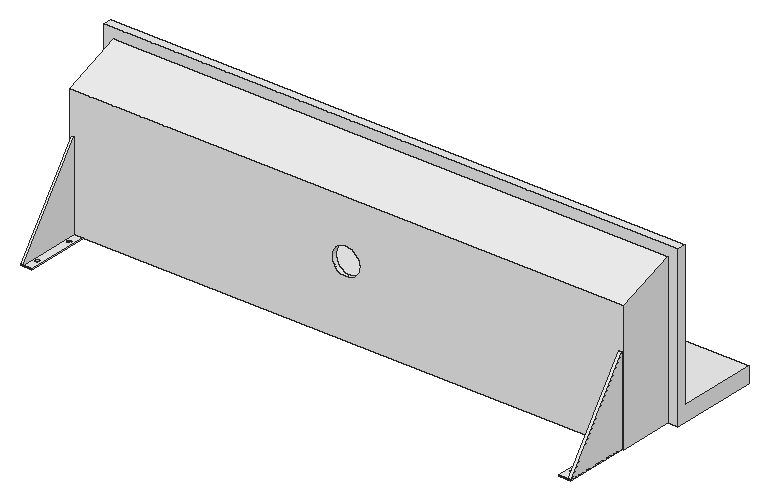
Revit family "Hand_Wash_Trough-3_Station-Acorn-SWS072_Series", category Plumbing Fixtures, host Face, Revit 2019
Family settings
  Host = Face
  Round Connector Dimension = Use Diameter
  Part Type = Normal
  OmniClass Number = 23.45.05.14.14
  OmniClass Title = Sinks/Lavatories
  Cut with Voids When Loaded = No
  Shared = Yes
  Room Calculation Point = No
Parameters (values of type "SWS072-H28")
  cUPC Compliant = yes
  Width = 72"  # constant formula
  Waste Connection = no
  WFU = 0
  Vent Connection = no
  URL = "https://acorneng.com/home"
  Type Comments = "Wall hung Hand Wash Trough"  # constant formula
  Single Center Distance = 1"
  Shipping Weight = "105 lbs (48 kg)"  # constant formula
  Product Page URL = ""
  Product Documentation Link = ""
  Number of User Stations = 3  # constant formula
  Model = "SWS072-H28"
  Material = "Stainless Steel-Acorn-Polished Satin"  # constant formula
  Manufacturer = "Acorn Engineering"  # constant formula
  Installation Type = "Wall Mounted"  # constant formula
  Height = 18"  # constant formula
  HWFU = 0
  HW Connection = no
  H28-2 Holes on 8" Centers = yes
  H1-Single Hole Centered = no
  H0-No Faucet Punching = no
  Finish = Stainless Steel-Acorn-Polished Satin
  Faucet Hole Diameter = 1 1/2"  # constant formula
  Drain Opening Size = 3 1/2"  # constant formula
  Description = "72\" wide 3 user hand wash trough"
  Depth = 20"  # constant formula
  Default Elevation = 34"
  Creation Date = "04/08/2024"  # constant formula
  CWFU = 0
  CW Connection = no
  Bowl Width = 69"  # constant formula
  Bowl Height = 8"  # constant formula
  Bowl Depth = 16 1/2"  # constant formula
  Backsplash Height = 10"  # constant formula
  Assembly Code = "D2010440"
  8" Centers Distance = 3"
Types (4): name | Single Center Distance | Model | H28-2 Holes on 8" Centers | H1-Single Hole Centered | H0-No Faucet Punching | 8" Centers Distance
  (no name) | 1" | "SWS072-H28" | yes | no | no | 3"
  SWS072-H0 | 1" | "SWS072-H0" | no | no | yes | 1"
  SWS072-H1 | 3" | "SWS072-H1" | no | yes | no | 1"
  SWS072-H28 | 1" | "SWS072-H28" | yes | no | no | 3"
Reference planes (in)
  plane 1 "Center (Front/Back)": y = 0
  plane 2: z = 0
  plane 3 "Center (Left/Right)": x = 0
  plane 4: x = 36
  plane 5: x = -36
  plane 6: x = 34.5
  plane 7: x = -34.5
  plane 8: z = 20
  plane 9: z = 2
  plane 10: z = 18.5
  plane 11: z = 9
  plane 12: y = -8
  plane 13: y = -16
  plane 14: y = 10
  plane 15: x = -4
  plane 16: x = 4
  plane 17: x = -24
  plane 18: x = 24
  plane 19: y = 6
  plane 20: z = 16.25
  plane 21: x = -34.75
  plane 22: x = 34.75
  plane 23: x = -28
  plane 24: x = -20
  plane 25: x = 28
  plane 26: x = 20
  plane 27: z = 1
  plane 28: z = 3
  plane 29: z = 4
Forms (in)
  Extrusion 1, solid, material "Stainless Steel-Acorn-Polished Satin" <- "Finish"
    sketch origin (0, 37.58329, 0) x (0, 1, 0) y (0, 0, 1)
      loop
        line (-27.58329, 0) -> (-27.58329, 2) -> (-37.58329, 2) -> (-37.58329, 20) -> (-38.58329, 20) -> (-38.58329, 0) -> (-27.58329, 0)
    from -36 to 36
  Extrusion 2, solid, material "Stainless Steel-Acorn-Polished Satin" <- "Finish"
    sketch origin (36, 37.58329, 0) x (0, 1, 0) y (0, 0, 1)
      loop
        line (-45.58329, 16.24169) -> (-45.58329, 0) -> (-38.58329, 0) -> (-38.58329, 18.70753) -> (-45.58329, 16.24169)
    from -70.75 to -1.25
  Extrusion 3, solid, material "Stainless Steel-Acorn-Polished Satin" <- "Finish"
    sketch origin (0, 0, 0) x (1, 0, 0) y (0, 1, 0)
      loop
        line (-34.5, -8) -> (-34.5, -16) -> (-33, -16) -> (-33, -8) -> (-34.5, -8)
      loop
        line (34.5, -8) -> (33, -8) -> (33, -16) -> (34.5, -16) -> (34.5, -8)
      loop
        circle (-33.59249, -9.5) r 0.25
      loop
        circle (-33.59249, -14.5) r 0.25
      loop
        circle (33.59249, -9.5) r 0.25
      loop
        circle (33.59249, -14.5) r 0.25
    from 0 to 0.08918
  Extrusion 4, void
    sketch origin (45, 0, 0) x (0, 0, 1) y (1, 0, 0)
      loop
        circle (9, -45) r 1.5
    from -8 to 0
  Extrusion 5, void
    sketch origin (34.75, 37.58329, 0) x (0, -1, 0) y (0, 0, 1)
      loop
        line (37.58329, 2) -> (45.08329, 2) -> (45.08329, 15.85803) -> (37.58329, 18.5) -> (37.58329, 2)
    from 0.25 to 69.25
  Extrusion 6, void
    sketch origin (0, 0, 0) x (1, 0, 0) y (0, 1, 0)
      loop
        circle (-24, 6) r 0.75
      loop
        circle (24, 6) r 0.75
      loop
        circle (0, 6) r 0.75
    from 4 to 3
  Extrusion 7, void
    sketch origin (-4, 0, 0) x (1, 0, 0) y (0, 1, 0)
      loop
        circle (-24, 6) r 0.75
      loop
        circle (24, 6) r 0.75
      loop
        circle (-16, 6) r 0.75
      loop
        circle (32, 6) r 0.75
      loop
        circle (0, 6) r 0.75
      loop
        circle (8, 6) r 0.75
    from 1 to 4
  Extrusion 8, void
    sketch origin (45, 0, 0) x (0, 0, 1) y (1, 0, 0)
      loop
        circle (9, -45) r 1.75
    from -8 to 0
  Extrusion 9, solid, material "Stainless Steel-Acorn-Polished Satin" <- "Finish"
    sketch origin (-34.5, 37.58329, 0) x (0, 1, 0) y (0, 0, -1)
      loop
        line (-45.58329, -11.01106) -> (-45.58329, 0) -> (-53.58329, 0) -> (-45.58329, -11.01106)
    from 0 to -0.31503
  Extrusion 10, solid, material "Stainless Steel-Acorn-Polished Satin" <- "Finish"
    sketch origin (34.5, 37.58329, 0) x (0, 1, 0) y (0, 0, 1)
      loop
        line (-45.58329, 11.01106) -> (-53.58329, 0) -> (-45.58329, 0) -> (-45.58329, 11.01106)
    from 0 to -0.31503
Cuts and joins
  Extrusion 4, Extrusion 5, Extrusion 6, Extrusion 7 cuts Extrusion 1
  Extrusion 5, Extrusion 8 cuts Extrusion 2
  joined: Extrusion 1, Extrusion 2
Dimensions and locks (in)
  "Depth": level to plane 8
  level to plane 9 = 2"
  "Bowl Depth": plane 9 to plane 10
  plane 6 to plane 4 = 1 1/2"
  plane 7 to plane 5 = 1 1/2"
  level to plane 11 = 9"
  plane 1 "Center (Front/Back)" to plane 14 = 10"  (x2)
  plane 12 to plane 1 "Center (Front/Back)" = 8"  (x2)
  plane 12 to plane 13 = 8"
  plane 15 to plane 16 = 8"
  plane 1 "Center (Front/Back)" to plane 19 = 6"
  plane 9 to level = 2"
  plane 20 to plane 9 = 14 1/4"
  plane 13 to plane 12 = 8"
  plane 8 to host face = 20"
  plane 10 to plane 9 = 16 1/2"  (x2)
  plane 8 to plane 10 = 1 1/2"
  locked: plane 12 to Extrusion 5 sketch curve at 0.5
  locked: plane 21 to plane 7 at 0.25
  locked: plane 22 to plane 6 at 0.25
  equal spacing: plane 15, plane 3 "Center (Left/Right)", plane 16
  equal spacing: plane 23, plane 17, plane 24, locked at 4 each
  equal spacing: plane 26, plane 18, plane 25, locked at 4 each
  plane 23 to plane 17 = 4"
  locked: plane 17 to plane 24 at 4
  locked: plane 26 to plane 18 at 4
  plane 18 to plane 25 = 4"
  "8" Centers Distance": plane 27 to plane 29
  "Single Center Distance": plane 28 to plane 29
  equal spacing: plane 5, plane 3 "Center (Left/Right)", plane 4
  equal spacing: plane 7, plane 3 "Center (Left/Right)", plane 6
  plane 5 to plane 4 = 72"  (x2)
  locked: Extrusion 3 sketch curve to plane 6 at 1.5
  plane 6 to plane 7 = 69"
  host face to plane 8 = 20"
  plane 9 to plane 10 = 16 1/2"
  plane 16 to plane 26 = 16"
  plane 25 to plane 4 = 8"
  plane 24 to plane 15 = 16"
  plane 7 to plane 6 = 69"
  plane 7 to Extrusion 3 sketch curve = 1 1/2"
  plane 5 to plane 23 = 8"
  radius of Extrusion 6 sketch curve = 3/4"
  aligned and locked: plane 2 to host face
  aligned and locked: level to host face
  aligned and locked: plane 8 to Extrusion 1 sketch curve
  aligned and locked: Extrusion 1 to plane 4
  aligned and locked: Extrusion 1 to plane 5
  aligned and locked: plane 3 "Center (Left/Right)" to Extrusion 4 sketch curve
  aligned and locked: plane 11 to Extrusion 4 sketch curve
  aligned and locked: Extrusion 4 to plane 1 "Center (Front/Back)"
  aligned and locked: plane 9 to Extrusion 5 sketch curve
  aligned and locked: Extrusion 5 sketch curve to plane 1 "Center (Front/Back)"
  aligned and locked: Extrusion 5 to plane 7
  aligned and locked: Extrusion 5 to plane 6
  aligned and locked: plane 17 to Extrusion 6 sketch curve
  aligned and locked: plane 19 to Extrusion 6 sketch curve  (x3)
  aligned and locked: plane 18 to Extrusion 6 sketch curve
  aligned and locked: plane 23 to Extrusion 7 sketch curve
  aligned and locked: plane 19 to Extrusion 7 sketch curve  (x6)
  aligned and locked: plane 24 to Extrusion 7 sketch curve
  aligned and locked: plane 26 to Extrusion 7 sketch curve
  aligned and locked: plane 25 to Extrusion 7 sketch curve
  aligned and locked: plane 3 "Center (Left/Right)" to Extrusion 8 sketch curve
  aligned and locked: plane 11 to Extrusion 8 sketch curve
  aligned and locked: Extrusion 8 to plane 12
  aligned and locked: Extrusion 8 to plane 1 "Center (Front/Back)"
  aligned and locked: Extrusion 7 to plane 27
  aligned and locked: plane 29 to Extrusion 7
  aligned and locked: Extrusion 3 to Extrusion 4
  aligned and locked: Extrusion 7 to Extrusion 6
  aligned and locked: Extrusion 6 to plane 28
  aligned and locked: Extrusion 2 to plane 21
  aligned and locked: plane 7 to Extrusion 3 sketch curve
  aligned and locked: plane 3 "Center (Left/Right)" to Extrusion 6 sketch curve
  aligned and locked: plane 15 to Extrusion 7 sketch curve
  aligned and locked: plane 16 to Extrusion 7 sketch curve
Automatic sketch dimensions
  host sketch curve to host sketch curve = 96"  (x2)
  Extrusion 1 sketch curve to level = 0"
  Extrusion 1 sketch curve to plane 1 "Center (Front/Back)" = 0"
  Extrusion 1 sketch curve to plane 9 = 0"
  Extrusion 1 sketch curve to plane 14 = 0"
  plane 1 "Center (Front/Back)" to Extrusion 1 sketch curve = 1"
  Extrusion 2 sketch curve to Extrusion 1 = 0"  (x2)
  Extrusion 1 to Extrusion 2 sketch curve = 7"
  Extrusion 2 sketch curve to Extrusion 1 = 3.75831"
  Extrusion 2 sketch curve to Extrusion 1 = 1.29247"
  Extrusion 3 sketch curve to plane 6 = 0"
  plane 13 to Extrusion 3 sketch curve = 0"
  Extrusion 3 sketch curve to plane 13 = 0"
  Extrusion 3 sketch curve to plane 12 = 0"  (x2)
  plane 7 to Extrusion 3 sketch curve = 0.90751"  (x2)
  plane 6 to Extrusion 3 sketch curve = 0.90751"  (x2)
  plane 13 to Extrusion 3 sketch curve = 1 1/2"  (x2)
  Extrusion 3 sketch curve to plane 12 = 1 1/2"  (x2)
  Extrusion 5 sketch curve to Extrusion 5 sketch curve = 13.85803"
  Extrusion 5 sketch curve to Extrusion 5 sketch curve = 2.64197"
  Extrusion 9 sketch curve to level = 0"
  Extrusion 9 sketch curve to plane 13 = 0"
  Extrusion 9 sketch curve to plane 12 = 0"
  plane 11 to Extrusion 9 sketch curve = 2.01106"
  Extrusion 10 sketch curve to level = 0"
  Extrusion 10 sketch curve to plane 13 = 0"
  Extrusion 10 sketch curve to plane 12 = 0"
  plane 11 to Extrusion 10 sketch curve = 2.01106"
  radius of Extrusion 3 sketch curve = 1/4"  (x4)
  radius of Extrusion 4 sketch curve = 1 1/2"
  radius of Extrusion 6 sketch curve = 3/4"  (x2)
  radius of Extrusion 7 sketch curve = 3/4"  (x6)
  radius of Extrusion 8 sketch curve = 1 3/4"
